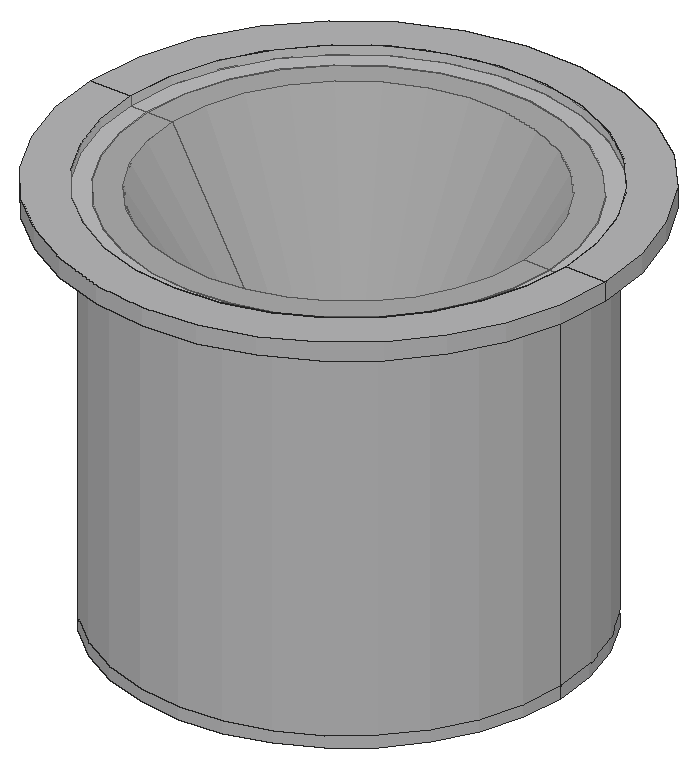
Revit family "2049530 Lighting Fixture_Sylvania_Myriad V LED_Ceiling Recessed", category Lighting Fixtures, host Face, Revit 2015
Parameters (values of type "MYRIAD SS IP65 4000K DIM WH EM")
  Weight = 1.42 kg
  Wattage = 18 W
  built-in parameter 1150110 = 1 (stored number, unit not read)
  Voltage Comments = "UNV (Universal Voltage; 220-240 Volt)"  # constant formula
  Voltage = 240 V  # constant formula
  URL = ""
  built-in parameter 1114217 = 1 (stored number, unit not read)
  Tilt Angle = -90.00°  # constant formula
  built-in parameter 1150109 = 1 (stored number, unit not read)
  built-in parameter 1150134 = 12
  built-in parameter 1150113 = 1 (stored number, unit not read)
  Reflector Material = Steel_Sylvania_Myrad V LED_Chrome
  Recessed Depth = 72.0 mm
  Photometric Web File = "2049530_MYRIADV13WLED4K+Dimmable+Emergency-90695.ies"
  Product Page URL = ""
  Product Family = "MYRIAD V LED - IP65 GLASS WHITE BEZEL"  # constant formula
  Photometry Comments = ""
  built-in parameter 1150105 = 23.477 (stored number, unit not read)
  Lumens = 295.02 lm
  built-in parameter 1150115 = 1 (stored number, unit not read)
  built-in parameter 1150137 = (empty or 0)
  built-in parameter 1150139 = (empty or 0)
  Life = "50 000h"  # constant formula
  built-in parameter 1150112 = 1 (stored number, unit not read)
  built-in parameter 1150114 = 1 (stored number, unit not read)
  Lamp Comments = "13W Citizen Citiled neutral 4000K"
  LOR = "100%"
  Inner Radius = Cutout Radius - 2.0 mm  # 36.0 mm
  built-in parameter 1150132 = 2
  built-in parameter 1150102 = (empty or 0)
  built-in parameter 1150107 = 4000 (stored number, unit not read)
  built-in parameter 1150138 = (empty or 0)
  built-in parameter 1150106 = 0.23477 (stored number, unit not read)
  Energy Class = "A++A+A"  # constant formula
  Emit from Circle Diameter = Diffuser Diameter  # 78.0 mm
  Emit Shape Visible in Rendering = no
  built-in parameter 1150104 = 1.5227 (stored number, unit not read)
  Dimming Range = "Dimmable"  # constant formula
  Dimming Lamp Color Temperature Shift = <None>
  Diffuser Diameter = Cutout Diameter + 2.0 mm  # 78.0 mm
  Diameter = Cutout Diameter  # 76.0 mm
  Cutout Radius = Cutout Diameter / 2  # 38.0 mm
  Cutout Diameter = 76.0 mm
  Control Gear Type = "Dimmable + Emergency"
  Color Filter = 16777215
  Catalog Number = "2049530 MYRIAD SS IP65 4000K DIM WH EM"
  Body Material = Aluminum_Sylvania_Myrad V LED_Silver
  Beam Angle = 30.00°  # constant formula
  built-in parameter 1114218 = 1 (stored number, unit not read)
  built-in parameter 1150133 = 10 (stored number, unit not read)
  IP Rating = "IP65"  # constant formula
  Electrical Protection = "CLASS II"  # constant formula
  built-in parameter 1114216 [instance] = 1 (stored number, unit not read)
  Model = "MYRIAD SS IP65 4000K DIM WH EM"
  Manufacturer = "Feilo-Sylvania Group"
  Lamp = "Integrated LED"
  Diffuser Material = Polycarbonate_Sylvania_Myrad V LED_Clear
  Description = "New high output high efficiency LED downlight modules. IR/UV free light source without heat radiation. Energy efficient light source with far superior luminous flux per watt than existing Low Voltage Halogen. Long life up to 50K hours, fit and forget maintenance free lighting solution. Dimmable options including DALI as standard. IP44 & IP65 versions as standard options. New range of Architectural accessories each providing a different lit dimension. Choice of colour temperatures warm 3000K and neutral 4000K. Luminaires supplied complete with LED drivers. Emergency versions passes through cut out. New completely flush plaster up accessory ring for clean ceiling lines and smooth finish. Total circuit power I5W"  # constant formula
  Default Elevation = 0.0 mm
  built-in parameter 1140040 [instance] = 1
  Assembly Code = "D5020200"
  Apparent Load Comments = ""
  Apparent Load = 15 VA
Reference planes
  plane 1 "Center (Front/Back)": y = 0
  plane 2: z = 0
  plane 3 "Center (Left/Right)": x = 0
  plane 4 "Fixture Bottom": z = 3
  plane 5 "Diffuser": z = 1.454
  plane 6 "Housing Top": z = -66.546
  plane 7 "Housing Thickness": z = -64.546
  plane 8 "Reflector Top": z = -33.546
  plane 9 "Fixture Top": z = -72
Forms (mm)
  Extrusion 1, void
    sketch origin (0, 0, 58) x (-1, 0, 0) y (0, -1, 0)
      loop
        circle (0, 0) r 38
    from -124.546 to -55
  Revolve 2, solid, material "Aluminum_Sylvania_Myrad V LED_Silver" <- "Body Material", detail levels fine
    sketch origin (0, 0, 0) x (1, 0, 0) y (0, 0, 1)
      loop
        line (-46.021, 3) -> (-46.021, 0) -> (-38, 0) -> (-38, -64.546) -> (-36.037, -64.546) -> (-36.037, 1.454) -> (-39, 1.454) -> (-39, 3) -> (-46.021, 3)
      axis (0, 3) -> (0, -64.546)
    angle from 0 to 360
  Extrusion 3, solid, material "Aluminum_Sylvania_Myrad V LED_Silver" <- "Body Material", detail levels fine
    sketch origin (0, 0, 58) x (-1, 0, 0) y (0, -1, 0)
      loop
        circle (0, 0) r 38
    from -124.546 to -122.546
  Revolve 4, solid, material "Steel_Sylvania_Myrad V LED_Chrome" <- "Reflector Material", detail levels fine
    sketch origin (0, 0, 0) x (1, 0, 0) y (0, 0, 1)
      loop
        line (-36, -33.546) -> (0, -33.546) -> (0, -31.083) -> (-12.669, -31.083) -> (-31.5, 1.454) -> (-36, 1.454) -> (-36, -33.546)
      axis (0, 1.454) -> (0, -33.546)
    angle from 0 to 360
  Extrusion 5, solid, material "Polycarbonate_Sylvania_Myrad V LED_Clear" <- "Diffuser Material", detail levels fine
    sketch origin (0, 0, 58) x (-1, 0, 0) y (0, -1, 0)
      loop
        circle (0, 0) r 39
    from -56.546 to -55
  Revolve 6, solid, material "Aluminum_Sylvania_Myrad V LED_Silver" <- "Body Material", detail levels coarse+medium
    sketch origin (0, 0, 0) x (1, 0, 0) y (0, 0, 1)
      loop
        line (-46.021, 3) -> (-46.021, 0) -> (-38, 0) -> (-38, -72) -> (0, -72) -> (0, 3) -> (-46.021, 3)
      axis (0, 3) -> (0, -72)
    angle from 0 to 360
  Revolve 7, solid
    sketch origin (0, 0, 0) x (1, 0, 0) y (0, 0, 1)
      loop
        line (-28, -66.546) -> (-28, -70)
        arc (-28, -70) -> (-27.414, -71.414) -> (-26, -72) r 2
        line (-26, -72) -> (-4.499, -72) -> (-4.499, -66.546) -> (-28, -66.546)
      axis (-4.499, -66.546) -> (-4.499, -72)
    angle from 0 to 360
Cuts and joins
  joined: Revolve 2, Extrusion 3
Dimensions and locks
  locked: plane 4 "Fixture Bottom" to plane 2 at 3
  locked: plane 5 "Diffuser" to plane 2 at 1.454
  "Cutout Radius": plane 3 "Center (Left/Right)" to Revolve 2 sketch curve
  locked: Revolve 2 sketch curve to Revolve 2 sketch curve at 1.963
  locked: Revolve 2 sketch curve to Revolve 2 sketch curve at 8.021
  locked: Revolve 4 sketch curve to Revolve 4 sketch curve at 2.463
  locked: Revolve 2 sketch curve to Revolve 2 sketch curve at 1
  "Inner Radius": plane 3 "Center (Left/Right)" to Revolve 4 sketch curve
  locked: Revolve 4 sketch curve to Revolve 4 sketch curve at 4.5
  locked: Revolve 4 sketch curve to Revolve 4 sketch curve at 23.331
  locked: plane 5 "Diffuser" to plane 8 "Reflector Top" at 35
  locked: Revolve 6 sketch curve to Revolve 6 sketch curve at 8.021
  "Cutout Radius": Revolve 6 sketch curve to imposter light
  "Recessed Depth": plane 2 to plane 9 "Fixture Top"
  locked: Revolve 7 sketch curve to imposter light at 4.499
  imposter light to Revolve 7 sketch curve = 28.0 mm
  plane 7 "Housing Thickness" to plane 6 "Housing Top" to plane 9 "Fixture Top" = 2.0 mm locked, 5.454 mm locked
  "Cutout Diameter": diameter of Extrusion 1 sketch curve
  "Cutout Diameter": diameter of Extrusion 3 sketch curve
  "Diffuser Diameter": diameter of Extrusion 5 sketch curve
  aligned and locked: host face to plane 2
  aligned and locked: level to host face
  aligned and locked: Revolve 2 sketch curve to plane 4 "Fixture Bottom"
  aligned and locked: Revolve 2 sketch curve to plane 5 "Diffuser"
  aligned and locked: Revolve 2 sketch curve to plane 2
  aligned and locked: Revolve 2 sketch curve to plane 3 "Center (Left/Right)"
  aligned and locked: plane 7 "Housing Thickness" to Extrusion 3
  aligned and locked: Extrusion 3 to plane 6 "Housing Top"
  aligned and locked: Revolve 2 sketch curve to plane 7 "Housing Thickness"
  aligned and locked: Revolve 4 sketch curve to plane 5 "Diffuser"
  aligned and locked: Revolve 4 sketch curve to plane 3 "Center (Left/Right)"  (x2)
  aligned and locked: Extrusion 5 to plane 5 "Diffuser"
  aligned and locked: plane 4 "Fixture Bottom" to Extrusion 5
  aligned and locked: Revolve 4 sketch curve to plane 8 "Reflector Top"
  aligned and locked: imposter light to plane 3 "Center (Left/Right)"
  aligned and locked: imposter light to plane 4 "Fixture Bottom"
  aligned and locked: imposter light to plane 1 "Center (Front/Back)"
  aligned and locked: Revolve 6 sketch curve to imposter light  (x2)
  aligned and locked: Revolve 6 sketch curve to plane 2
  aligned and locked: imposter light to Extrusion 1
  aligned and locked: Extrusion 1 to plane 6 "Housing Top"
  aligned and locked: Revolve 7 sketch curve to plane 6 "Housing Top"
  aligned and locked: Revolve 7 sketch curve to plane 9 "Fixture Top"
  aligned and locked: Revolve 7 sketch curve to Revolve 7 sketch curve
  aligned and locked: Revolve 6 sketch curve to plane 9 "Fixture Top"
Automatic sketch dimensions
  host sketch curve to host sketch curve = 345.0 mm
  host sketch curve to host sketch curve = 280.0 mm
  Revolve 7 sketch curve to plane 6 "Housing Top" = 0.0 mm
  Revolve 7 sketch curve to Revolve 7 sketch curve = 2.0 mm
  Revolve 7 sketch curve to plane 9 "Fixture Top" = 8.594 mm
  plane 1 "Center (Front/Back)" to Extrusion 1 sketch curve = 0.0 mm
  Extrusion 1 sketch curve to plane 3 "Center (Left/Right)" = 0.0 mm
  plane 8 "Reflector Top" to Revolve 2 sketch curve = 16.453 mm
  plane 4 "Fixture Bottom" to Revolve 2 sketch curve = 14.907 mm
  plane 1 "Center (Front/Back)" to Extrusion 3 sketch curve = 0.0 mm
  Extrusion 3 sketch curve to plane 3 "Center (Left/Right)" = 0.0 mm
  plane 4 "Fixture Bottom" to Revolve 4 sketch curve = 9.307 mm
  Revolve 4 sketch curve to Revolve 4 sketch curve = 25.0 mm
  plane 1 "Center (Front/Back)" to Extrusion 5 sketch curve = 0.0 mm
  Extrusion 5 sketch curve to plane 3 "Center (Left/Right)" = 0.0 mm
  Revolve 6 sketch curve to plane 3 "Center (Left/Right)" = 0.0 mm
  plane 8 "Reflector Top" to Revolve 6 sketch curve = 16.453 mm
  Revolve 6 sketch curve to Revolve 6 sketch curve = 14.907 mm
Connectors
  electrical at (0, 0, -72), driven by "Voltage", driven by "Apparent Load"
    settings: index 1, voltage 240 V, apparent load 0 VA, apparent load phase1 15 VA, apparent load phase2 0 VA, apparent load phase3 0 VA, power factor 1, load classification "Lighting", number of poles 1, system type 31, power factor state 1, is connector primary yes, connector utility no, sub classification motor no, connector description ""
